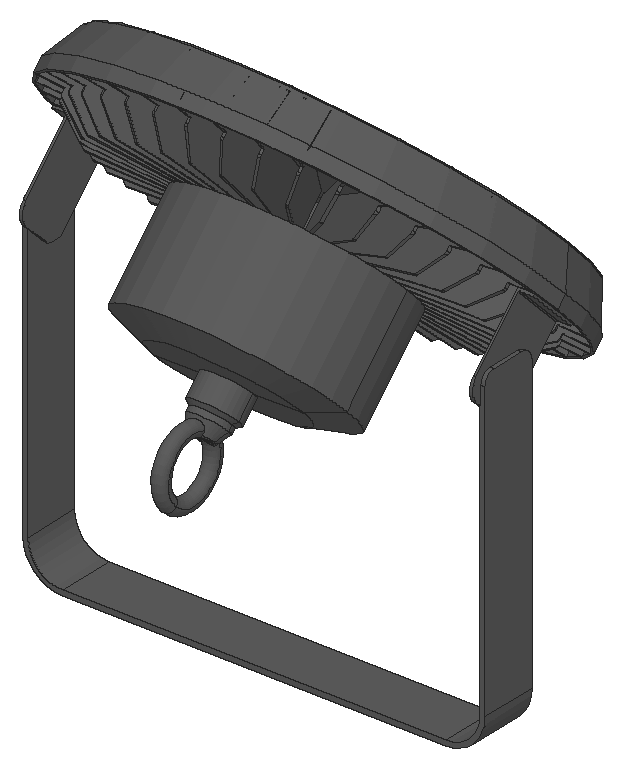
Revit family "0039348+0039354 Feilo Sylvania Lighting Fixture START HIGHBAY 4K 19KLM WIDE with BRACKET", category Lighting Fixtures, host Face, Revit 2017
Family settings
  Host = Face
  Round Connector Dimension = Use Diameter
  Part Type = Normal
  OmniClass Number = 23.80.70.00
  OmniClass Title = Lighting
  Cut with Voids When Loaded = No
  Light Source = No
  Shared = No
  Room Calculation Point = No
Parameters (values of type "0039348+0039354 START HIGHBAY 4K 19KLM WIDE with BRACKET     ")
  Weight = "3.4 kg"
  Wattage Comments = ""
  WarrantyStartDate [instance] = "n/a"
  WarrantyGuarantorParts = "n/a"
  WarrantyDurationUnit = "n/a"
  WarrantyDurationParts = "n/a"
  WarrantyDescription = "n/a"
  Voltage = 230 V
  URL = "http://www.sylvania-lighting.com"
  TypeName = "START HIGHBAY 4K 19KLM WIDE with BRACKET"
  TypeHead_FEILO = Start LED Highbay Head : 0039348+0039354 START HIGHBAY 4K 19KLM WIDE with BRACKET     
  Type Image = <None>
  Type Comments = "n/a"
  TiltAngle_FEILO [instance] = 45.00°
  ThicknessBracketPlate_FEILO = 3 mm
  SizeBracketS_FEILO = no
  SizeBracketM_FEILO = yes
  SerialNumber [instance] = "n/a"
  RadiusBracketTop_FEILO = 7 mm
  RadiusBendOut_FEILO = if(SizeBracketS_FEILO, 18 mm, if(SizeBracketM_FEILO, 24 mm, 28 mm))  # 24 mm
  RadiusBendIn_FEILO = RadiusBendOut_FEILO - ThicknessBracketPlate_FEILO  # 21 mm
  Material_3_FEILO = none
  PowerFactor = 0.95
  PowerConsumption = "150 W"
  NominalLength = 296 mm
  NominalHeight = 177 mm
  NominalDepth = 296 mm
  Name = "START HIGHBAY 4K 19KLM WIDE with BRACKET"
  ModelReference = Name  # "START HIGHBAY 4K 19KLM WIDE with BRACKET"
  ModelNumber = "0039348+0039354"
  Model = Name  # "START HIGHBAY 4K 19KLM WIDE with BRACKET"
  Material = "aluminium alloy housing, polycarbonate diffuser"
  ManufacturerName = "Feilo Sylvania"
  Manufacturer = "Feilo Sylvania"
  LuminousEfficacy = "130 lm/W"
  LuminaireType = ""
  LightOutputRatio = "n/a"
  LampsType = Lamp  # "LED"
  LampNominalLuminous = "19500 lm"
  LampMacAdamStep = "n/a"
  LampColourTemperature = "4000 K"
  LampColourRenderingIndex = "80"
  Lamp = "LED"
  Keynote = "16500"
  InstallationDate [instance] = "n/a"
  InputVoltage = "220-240V~"
  InputNominalFrequency = "50/60 Hz"
  IngressProtection = "IP65"
  ImpactProtectionIndex = "IK08"
  IfcExportType = "IfcLightFixtureType"
  IfcExportAs = "IfcLightFixtureType"
  ExpectedLife = 50000
  EndAngle_FEILO [instance] = TiltAngle_FEILO + 180.00°  # 225.00°
  ElectricShockClassification = "Class I"
  DurationUnit = "hours"
  DocumentationLiterature = "http://www.sylvania-lighting.com/product/en-int/products/0039348"
  DimmingControlOptions = "n/a"
  Material_2_FEILO = none
  Description = "START HIGHBAY, includes 1 m cables, black aluminium housing, 19500LM, 150W, 130lm/W, 4000K, Driver current: 3210mA, CR80, 90° beam angle, 1-10V dimmable,  IP65, IK08, 50,000 hrs (L70B50), (LxWxH) 296x296x177mm"
  Default Elevation = 1219.2 mm
  CreatedOn = "2/28/2018"
  CreatedBy = ""
  Cost = 0
  built-in parameter 1114216 [instance] = (empty or 0)
  ClassificationValue = "EF_70_80"
  ClassificationName = "Uniclass2015"
  Material_1_FEILO = Body-Sylvania-StartHighbay-Black
  BracketHeight_FEILO = if(SizeBracketS_FEILO, 199.5 mm, if(SizeBracketM_FEILO, 209.6 mm, 201.3 mm))  # 209.6 mm
  BracketDistanceInner_FEILO = if(SizeBracketS_FEILO, 249.4 mm, if(SizeBracketM_FEILO, 273.6 mm, 313.2 mm))  # 273.6 mm
  BarCode [instance] = "n/a"
  AssetType = "Fixed"
  AssetIdentifier [instance] = "n/a"
  Assembly Code = "D5020200"
  Apparent Load = 150 VA
  Material_4_FEILO = none
Reference planes
  plane 1 "Center (Front/Back)": y = 0
  plane 2: z = 0
  plane 3 "Center (Left/Right)": x = 0
  plane 4: x = -139.8
  plane 5: x = 139.8
  plane 6: z = 209.6
  plane 7: x = -136.8
  plane 8: z = 3
  plane 9: x = 136.8
  plane 10: y = 17.5
  plane 11: y = -17.5
  plane 12: y = -19.5
  plane 13: z = 211.6
  plane 14: y = 19.5
  plane 15: z = 200.6
Forms (mm)
  Extrusion 1, solid, material "Body-Sylvania-StartHighbay-Black" <- "Material_1_FEILO"
    sketch origin (0, 0, 0) x (1, 0, 0) y (0, 0, 1)
      loop
        line (-139.8, 209.6) -> (-139.8, 24)
        arc (-139.8, 24) -> (-132.771, 7.029) -> (-115.8, 0) r 24
        line (-115.8, 0) -> (115.8, 0)
        arc (115.8, 0) -> (132.771, 7.029) -> (139.8, 24) r 24
        line (139.8, 24) -> (139.8, 209.6) -> (136.8, 209.6) -> (136.8, 24)
        arc (136.8, 24) -> (130.649, 9.151) -> (115.8, 3) r 21
        line (115.8, 3) -> (-115.8, 3)
        arc (-115.8, 3) -> (-130.649, 9.151) -> (-136.8, 24) r 21
        line (-136.8, 24) -> (-136.8, 209.6) -> (-139.8, 209.6)
    from -17.5 to 17.5
  Extrusion 2, void
    sketch origin (0, 0, 0) x (0, 1, 0) y (0, 0, 1)
      loop
        arc (10.5, 209.6) -> (15.45, 207.55) -> (17.5, 202.6) r 7
        line (17.5, 202.6) -> (19.5, 202.6) -> (19.5, 211.6) -> (-19.5, 211.6) -> (-19.5, 202.6) -> (-17.5, 202.6)
        arc (-17.5, 202.6) -> (-15.45, 207.55) -> (-10.5, 209.6) r 7
        line (-10.5, 209.6) -> (10.5, 209.6)
    from -139.8 to 139.8
  Revolve 3, solid, not visible
    sketch origin (1223.4, -4572, 200.6) x (0, -1, 0) y (1, 0, 0)
      loop
        line (-4572, -1223.4) -> (-4591.5, -1223.4) -> (-4591.5, -1277.783) -> (-4572, -1277.783) -> (-4572, -1223.4)
      axis (-4572, -1223.4) -> (-4572, -1277.783)
    angle from 45 <- "TiltAngle_FEILO" to 225 <- "EndAngle_FEILO"
Cuts and joins
  Extrusion 2 cuts Extrusion 1
Dimensions and locks
  "BracketHeight_FEILO": plane 6 to plane 2
  equal spacing: plane 11, plane 1 "Center (Front/Back)", plane 10
  locked: plane 11 to plane 10 at 35
  equal spacing: plane 9, plane 3 "Center (Left/Right)", plane 7
  "BracketDistanceInner_FEILO": plane 9 to plane 7
  "ThicknessBracketPlate_FEILO": plane 7 to plane 4
  "ThicknessBracketPlate_FEILO": plane 8 to plane 2
  equal spacing: plane 5, plane 3 "Center (Left/Right)", plane 4
  equal spacing: plane 12, plane 1 "Center (Front/Back)", plane 14
  locked: plane 6 to plane 13 at 2
  locked: plane 12 to plane 11 at 2
  locked: plane 6 to plane 15 at 9
  "RadiusBendOut_FEILO": radius of Extrusion 1 sketch curve  (x2)
  "RadiusBendIn_FEILO": radius of Extrusion 1 sketch curve  (x2)
  "RadiusBracketTop_FEILO": radius of Extrusion 2 sketch curve  (x2)
  aligned and locked: plane 2 to host face
  aligned and locked: level to host face
  aligned and locked: Extrusion 1 sketch curve to plane 4
  aligned and locked: Extrusion 1 sketch curve to level
  aligned and locked: plane 6 to Extrusion 1 sketch curve
  aligned and locked: Extrusion 1 sketch curve to plane 6
  aligned and locked: Extrusion 1 sketch curve to plane 7
  aligned and locked: plane 9 to Extrusion 1 sketch curve
  aligned and locked: plane 8 to Extrusion 1 sketch curve
  aligned and locked: Extrusion 1 to plane 10
  aligned and locked: plane 11 to Extrusion 1
  aligned and locked: Extrusion 1 to Extrusion 2 sketch curve
  aligned and locked: plane 14 to Extrusion 2 sketch curve  (x2)
  aligned and locked: Extrusion 2 sketch curve to plane 12
  aligned and locked: plane 13 to Extrusion 2 sketch curve
  aligned and locked: plane 5 to Extrusion 2
  aligned and locked: Extrusion 2 to plane 4
  aligned and locked: Revolve 3 sketch curve to plane 1 "Center (Front/Back)"
  aligned and locked: Revolve 3 sketch curve to Revolve 3 sketch curve
  aligned and locked: plane 3 "Center (Left/Right)" to Revolve 3 sketch curve
  aligned and locked: Revolve 3 sketch curve to plane 14
  aligned and locked: nested 1 to plane 3 "Center (Left/Right)"
Automatic sketch dimensions
  host sketch curve to host sketch curve = 2438.4 mm  (x2)
  Revolve 3 sketch curve to Revolve 3 sketch curve = 54.383 mm
  Revolve 3 sketch curve to plane 4 = 1396.3 mm
  plane 5 to Revolve 3 sketch curve = 1396.3 mm
  Extrusion 1 sketch curve to Extrusion 1 sketch curve = 0 mm
  Extrusion 2 sketch curve to plane 11 = 0 mm
  Extrusion 2 sketch curve to plane 10 = 0 mm
Nested families
  nested 1: "Start LED Highbay Head" at (0, 0, 200.6) x (-1, 0, 0) z (0, 0.7071, 0.7071), type <- "TypeHead_FEILO", type "0039348+0039354 START HIGHBAY 4K 19KLM WIDE with BRACKET     "
    with built-in parameter 1114216 (empty or 0)
Connectors
  electrical at (0, 0, 0), driven by "Apparent Load", driven by "PowerFactor", driven by "Voltage"
    settings: index 1, voltage 230 V, apparent load 150 VA, apparent load phase1 0 VA, apparent load phase2 0 VA, apparent load phase3 0 VA, power factor 0.95, load classification "Lighting", number of poles 1, system type 30, power factor state 1, is connector primary yes, connector utility no, sub classification motor no, connector description ""
Definition of nested family "Start LED Highbay Head"
  Parameters (values of type "0039351+0039354+0039358 START HIGHBAY 6K 19KLM WIDE with BRACKET and PC LAMPSHADE TRANSPARENT ")
    X_FEILO = if(SizeS_FEILO, 60.3 mm, if(SizeM_FEILO, 70.4 mm, 83.5 mm))  # 70.4 mm
    WidthStraight_FEILO = if(SizeS_FEILO, 3 mm, if(SizeM_FEILO, 4 mm, 4.7 mm))  # 4 mm
    WidthRingChamfer_FEILO = if(SizeS_FEILO, 10.3 mm, if(SizeM_FEILO, 11.2 mm, 12.9 mm))  # 11.2 mm
    WidthCurved_FEILO = if(SizeS_FEILO, 17.4 mm, if(SizeM_FEILO, 16.4 mm, 26.2 mm))  # 16.4 mm
    WidthCurvedRing_FEILO = if(SizeS_FEILO, 3 mm, if(SizeM_FEILO, 4 mm, 4.7 mm))  # 4 mm
    WidthBracket_FEILO = 40 mm
    Wattage Comments = ""
    Wattage = 150 W
    built-in parameter 1150110 = 1 (stored number, unit not read)
    URL = "http://www.feilosylvania.com"
    Type Image = (empty or 0)
    Type Comments = "n/a"
    built-in parameter 1114217 = 1 (stored number, unit not read)
    Tilt Angle = -90.00°
    ThicknessWall_FEILO = 1.5 mm
    ThicknessBracket_FEILO = 1.5 mm
    ThicknessBracketHalf_FEILO = ThicknessBracket_FEILO / 2  # 0.75 mm
    built-in parameter 1150109 = 1 (stored number, unit not read)
    built-in parameter 1150134 = 1
    built-in parameter 1150113 = 1 (stored number, unit not read)
    SizeS_FEILO = no
    SizeM_FEILO = yes
    ShadeThickness_FEILO = 3 mm
    ShadeSizeSM_FEILO = or(SizeS_FEILO, SizeM_FEILO)  # yes
    ShadeRadiusOut_FEILO = 205 mm
    ShadeRadiusIn_FEILO = if(ShadeSizeSM_FEILO, 95 mm, 121 mm)  # 95 mm
    ShadeRadiusBend_FEILO = if(ShadeSizeSM_FEILO, 210 mm, 210 mm)  # 210 mm
    ShadeOn_FEILO = yes
    ShadeHeight_FEILO = if(ShadeSizeSM_FEILO, 120 mm, 151 mm)  # 120 mm
    Rib4_FEILO = if(SizeS_FEILO, 18.1 mm, if(SizeM_FEILO, 13.6 mm, 14.6 mm))  # 13.6 mm
    Rib3_FEILO = if(SizeS_FEILO, 15.3 mm, if(SizeM_FEILO, 17.6 mm, 20.2 mm))  # 17.6 mm
    Rib2_FEILO = if(SizeS_FEILO, 3.6 mm, if(SizeM_FEILO, 3.9 mm, 4.5 mm))  # 3.9 mm
    Rib1_FEILO = if(SizeS_FEILO, 15.1 mm, if(SizeM_FEILO, 16.5 mm, 19 mm))  # 16.5 mm
    RadiusDiffuser_FEILO = if(SizeS_FEILO, 95.2 mm, if(SizeM_FEILO, 105.3 mm, 120 mm))  # 105.3 mm
    RadiusArrayPost_FEILO = DriverRadius_FEILO - 6 mm  # 61.2 mm
    RHRadius3_FEILO = if(SizeS_FEILO, 6.6 mm, if(SizeM_FEILO, 7.4 mm, 8.6 mm))  # 7.4 mm
    RHRadius2_FEILO = if(SizeS_FEILO, 11 mm, if(SizeM_FEILO, 12 mm, 14 mm))  # 12 mm
    RHRadius1_FEILO = if(SizeS_FEILO, 13.6 mm, if(SizeM_FEILO, 14.9 mm, 17.7 mm))  # 14.9 mm
    RHHeight4_FEILO = if(SizeS_FEILO, 7.3 mm, if(SizeM_FEILO, 8 mm, 9.2 mm))  # 8 mm
    RHHeight3_FEILO = if(SizeS_FEILO, 3.6 mm, if(SizeM_FEILO, 3.7 mm, 4.6 mm))  # 3.7 mm
    RHHeight2_FEILO = if(SizeS_FEILO, 2 mm, if(SizeM_FEILO, 2.2 mm, 2.6 mm))  # 2.2 mm
    RHHeight1_FEILO = if(SizeS_FEILO, 11.8 mm, if(SizeM_FEILO, 15.3 mm, 17.4 mm))  # 15.3 mm
    Photometric Web File = "0039351+0039358.ies"
    Material_5_FEILO = none
    Material_3_FEILO = none
    Model = "START HIGHBAY 6K 19KLM WIDE with BRACKET and PC LAMPSHADE TRANSPARENT"
    Manufacturer = "Feilo Sylvania"
    built-in parameter 1150105 = 10854.2 (stored number, unit not read)
    Lumens = 19500 lm
    built-in parameter 1150115 = 1 (stored number, unit not read)
    built-in parameter 1150137 = (empty or 0)
    built-in parameter 1150139 = (empty or 0)
    built-in parameter 1150112 = 1 (stored number, unit not read)
    built-in parameter 1150114 = 1 (stored number, unit not read)
    Lamp = "LED"
    Keynote = "16500"
    built-in parameter 1150132 = (empty or 0)
    built-in parameter 1150102 = (empty or 0)
    built-in parameter 1150107 = 6500 (stored number, unit not read)
    built-in parameter 1150138 = (empty or 0)
    built-in parameter 1150106 = 108.54 (stored number, unit not read)
    HeightRing_FEILO = if(SizeS_FEILO, 19.8 mm, if(SizeM_FEILO, 32 mm, 36.8 mm))  # 32 mm
    HeightRingChamfer_FEILO = if(SizeS_FEILO, 11.7 mm, if(SizeM_FEILO, 23.2 mm, 26.6 mm))  # 23.2 mm
    EyeThickness_FEILO = if(SizeS_FEILO, 8.4 mm, if(SizeM_FEILO, 9.2 mm, 10.5 mm))  # 9.2 mm
    EyeThicknessHalf_FEILO = EyeThickness_FEILO / 2  # 4.6 mm
    EyeInner_FEILO = if(SizeS_FEILO, 13.8 mm, if(SizeM_FEILO, 15.1 mm, 17.3 mm))  # 15.1 mm
    Emit from Circle Diameter = RadiusDiffuser_FEILO * 2  # 210.6 mm
    Emit Shape Visible in Rendering = no
    built-in parameter 1150104 = 12.077 (stored number, unit not read)
    DriverVerticalStraight_FEILO = if(SizeS_FEILO, 46.5 mm, if(SizeM_FEILO, 49.7 mm, 57 mm))  # 49.7 mm
    DriverVerticalChamfer_FEILO = if(SizeS_FEILO, 7.5 mm, if(SizeM_FEILO, 8.2 mm, 9.5 mm))  # 8.2 mm
    DriverRadius_FEILO = if(SizeS_FEILO, 61.4 mm, if(SizeM_FEILO, 67.2 mm, 76.4 mm))  # 67.2 mm
    DriverRadiusTop_FEILO = if(SizeS_FEILO, 42 mm, if(SizeM_FEILO, 45.3 mm, 52.4 mm))  # 45.3 mm
    DriverBottom_FEILO = if(SizeS_FEILO, 56 mm, if(SizeM_FEILO, 64.5 mm, 74 mm))  # 64.5 mm
    Material_2_FEILO = none
    Radius_FEILO = if(SizeS_FEILO, 135 mm, if(SizeM_FEILO, 148 mm, 169.5 mm))  # 148 mm
    Dimming Lamp Color Temperature Shift = (empty or 0)
    DiameterWire_FEILO = 3 mm
    DiameterWireSupport_FEILO = 10 mm
    Description = "START HIGHBAY, includes 1 m cables, black aluminium housing, 19500LM, 150W, 130lm/W, 6500K, Driver current: 2140mA, CR80, 60° beam angle, 1-10V dimmable,  IP65, IK08, 50,000 hrs (L70B50), (LxWxH) 296x296x177mm"
    Default Elevation = 1219.2 mm
    Cost = 0
    Color Filter = 16777215
    built-in parameter 1114216 [instance] = (empty or 0)
    Material_1_FEILO = none
    built-in parameter 1114218 = 1 (stored number, unit not read)
    built-in parameter 1150133 = 10 (stored number, unit not read)
    Assembly Code = "D5020200"
    Apparent Load = 150 VA
    Material_4_FEILO = none
  Types (36, lengths in mm): name | X_FEILO | WidthStraight_FEILO | WidthRingChamfer_FEILO | WidthCurved_FEILO | WidthCurvedRing_FEILO | Wattage | built-in parameter 1150134 | SizeS_FEILO | SizeM_FEILO | ShadeSizeSM_FEILO | ShadeRadiusIn_FEILO | ShadeOn_FEILO | ShadeHeight_FEILO | Rib4_FEILO | Rib3_FEILO | Rib2_FEILO | Rib1_FEILO | RadiusDiffuser_FEILO | RadiusArrayPost_FEILO | RHRadius3_FEILO | RHRadius2_FEILO | RHRadius1_FEILO | RHHeight4_FEILO | RHHeight3_FEILO | RHHeight2_FEILO | RHHeight1_FEILO | Photometric Web File | Model | built-in parameter 1150105 | Lumens | built-in parameter 1150107 | built-in parameter 1150106 | HeightRing_FEILO | HeightRingChamfer_FEILO | EyeThickness_FEILO | EyeThicknessHalf_FEILO | EyeInner_FEILO | Emit from Circle Diameter | DriverVerticalStraight_FEILO | DriverVerticalChamfer_FEILO | DriverRadius_FEILO | DriverRadiusTop_FEILO | DriverBottom_FEILO | Radius_FEILO | Description | Apparent Load
    0039352+0039355+0039361 START HIGHBAY 6K 26KLM WIDE with BRACKET and PC LAMPSHADE TRANSPARENT | 83.5 | 4.7 | 12.9 | 26.2 | 4.7 | 200 W | 1 | no | no | no | 121 | yes | 151 | 14.6 | 20.2 | 4.5 | 19 | 120 | 70.4 | 8.6 | 14 | 17.7 | 9.2 | 4.6 | 2.6 | 17.4 | "0039352+0039361.ies" | "START HIGHBAY 6K 26KLM WIDE with BRACKET and PC LAMPSHADE TRANSPARENT" | 17911 (stored number, unit not read) | 26000 lm | 6500 (stored number, unit not read) | 179.11 (stored number, unit not read) | 36.8 | 26.6 | 10.5 | 5.25 | 17.3 | 240 | 57 | 9.5 | 76.4 | 52.4 | 74 | 169.5 | "START HIGHBAY, includes 1 m cables, black aluminium housing, 26000LM, 200W, 130lm/W, 6500K, Driver current: 5000mA, CR80, 60° beam angle, 1-10V dimmable,  IP65, IK08, 50,000 hrs (L70B50), (LxWxH) 339x339x194mm" | 200 VA
    0039352+0039355+0039360 START HIGHBAY 6K 26KLM WIDE with BRACKET and ALU SHADE BLACK COLOR | 83.5 | 4.7 | 12.9 | 26.2 | 4.7 | 200 W | 1 | no | no | no | 121 | yes | 151 | 14.6 | 20.2 | 4.5 | 19 | 120 | 70.4 | 8.6 | 14 | 17.7 | 9.2 | 4.6 | 2.6 | 17.4 | "0039352+0039360.ies" | "START HIGHBAY 6K 26KLM WIDE with BRACKET and ALU SHADE BLACK COLOR" | 14870 (stored number, unit not read) | 26000 lm | 6500 (stored number, unit not read) | 148.7 (stored number, unit not read) | 36.8 | 26.6 | 10.5 | 5.25 | 17.3 | 240 | 57 | 9.5 | 76.4 | 52.4 | 74 | 169.5 | "START HIGHBAY, includes 1 m cables, black aluminium housing, 26000LM, 200W, 130lm/W, 6500K, Driver current: 5000mA, CR80, 60° beam angle, 1-10V dimmable,  IP65, IK08, 50,000 hrs (L70B50), (LxWxH) 339x339x194mm" | 200 VA
    0039352+0039355+0039359 START HIGHBAY 6K 26KLM WIDE with BRACKET and ALU SHADE ALU COLOR | 83.5 | 4.7 | 12.9 | 26.2 | 4.7 | 200 W | 1 | no | no | no | 121 | yes | 151 | 14.6 | 20.2 | 4.5 | 19 | 120 | 70.4 | 8.6 | 14 | 17.7 | 9.2 | 4.6 | 2.6 | 17.4 | "0039352+0039359.ies" | "START HIGHBAY 6K 26KLM WIDE with BRACKET and ALU SHADE ALU COLOR" | 14870 (stored number, unit not read) | 26000 lm | 6500 (stored number, unit not read) | 148.7 (stored number, unit not read) | 36.8 | 26.6 | 10.5 | 5.25 | 17.3 | 240 | 57 | 9.5 | 76.4 | 52.4 | 74 | 169.5 | "START HIGHBAY, includes 1 m cables, black aluminium housing, 26000LM, 200W, 130lm/W, 6500K, Driver current: 5000mA, CR80, 60° beam angle, 1-10V dimmable,  IP65, IK08, 50,000 hrs (L70B50), (LxWxH) 339x339x194mm" | 200 VA
    0039352+0039355 START HIGHBAY 6K 26KLM WIDE with BRACKET | 83.5 | 4.7 | 12.9 | 26.2 | 4.7 | 200 W | 1 | no | no | no | 121 | no | 151 | 14.6 | 20.2 | 4.5 | 19 | 120 | 70.4 | 8.6 | 14 | 17.7 | 9.2 | 4.6 | 2.6 | 17.4 | "0039352.ies" | "START HIGHBAY 6K 26KLM WIDE with BRACKET" | 13836.2 (stored number, unit not read) | 26000 lm | 6500 (stored number, unit not read) | 138.36 (stored number, unit not read) | 36.8 | 26.6 | 10.5 | 5.25 | 17.3 | 240 | 57 | 9.5 | 76.4 | 52.4 | 74 | 169.5 | "START HIGHBAY, includes 1 m cables, black aluminium housing, 26000LM, 200W, 130lm/W, 6500K, Driver current: 5000mA, CR80, 60° beam angle, 1-10V dimmable,  IP65, IK08, 50,000 hrs (L70B50), (LxWxH) 339x339x194mm" | 200 VA
    0039351+0039354+0039358 START HIGHBAY 6K 19KLM WIDE with BRACKET and PC LAMPSHADE TRANSPARENT | 70.4 | 4 | 11.2 | 16.4 | 4 | 150 W | 1 | no | yes | yes | 95 | yes | 120 | 13.6 | 17.6 | 3.9 | 16.5 | 105.3 | 61.2 | 7.4 | 12 | 14.9 | 8 | 3.7 | 2.2 | 15.3 | "0039351+0039358.ies" | "START HIGHBAY 6K 19KLM WIDE with BRACKET and PC LAMPSHADE TRANSPARENT" | 10854.2 (stored number, unit not read) | 19500 lm | 6500 (stored number, unit not read) | 108.54 (stored number, unit not read) | 32 | 23.2 | 9.2 | 4.6 | 15.1 | 210.6 | 49.7 | 8.2 | 67.2 | 45.3 | 64.5 | 148 | "START HIGHBAY, includes 1 m cables, black aluminium housing, 19500LM, 150W, 130lm/W, 6500K, Driver current: 2140mA, CR80, 60° beam angle, 1-10V dimmable,  IP65, IK08, 50,000 hrs (L70B50), (LxWxH) 296x296x177mm" | 150 VA
    0039351+0039354+0039357 START HIGHBAY 6K 19KLM WIDE with BRACKET and ALU SHADE BLACK COLOR | 70.4 | 4 | 11.2 | 16.4 | 4 | 150 W | 1 | no | yes | yes | 95 | yes | 120 | 13.6 | 17.6 | 3.9 | 16.5 | 105.3 | 61.2 | 7.4 | 12 | 14.9 | 8 | 3.7 | 2.2 | 15.3 | "0039351+0039357.ies" | "START HIGHBAY 6K 19KLM WIDE with BRACKET and ALU SHADE BLACK COLOR" | 11152.5 (stored number, unit not read) | 19500 lm | 6500 (stored number, unit not read) | 111.52 (stored number, unit not read) | 32 | 23.2 | 9.2 | 4.6 | 15.1 | 210.6 | 49.7 | 8.2 | 67.2 | 45.3 | 64.5 | 148 | "START HIGHBAY, includes 1 m cables, black aluminium housing, 19500LM, 150W, 130lm/W, 6500K, Driver current: 2140mA, CR80, 60° beam angle, 1-10V dimmable,  IP65, IK08, 50,000 hrs (L70B50), (LxWxH) 296x296x177mm" | 150 VA
    0039351+0039354+0039356 START HIGHBAY 6K 19KLM WIDE with BRACKET and ALU SHADE ALU COLOR | 70.4 | 4 | 11.2 | 16.4 | 4 | 150 W | 1 | no | yes | yes | 95 | yes | 120 | 13.6 | 17.6 | 3.9 | 16.5 | 105.3 | 61.2 | 7.4 | 12 | 14.9 | 8 | 3.7 | 2.2 | 15.3 | "0039351+0039356.ies" | "START HIGHBAY 6K 19KLM WIDE with BRACKET and ALU SHADE ALU COLOR" | 11152.5 (stored number, unit not read) | 19500 lm | 6500 (stored number, unit not read) | 111.52 (stored number, unit not read) | 32 | 23.2 | 9.2 | 4.6 | 15.1 | 210.6 | 49.7 | 8.2 | 67.2 | 45.3 | 64.5 | 148 | "START HIGHBAY, includes 1 m cables, black aluminium housing, 19500LM, 150W, 130lm/W, 6500K, Driver current: 2140mA, CR80, 60° beam angle, 1-10V dimmable,  IP65, IK08, 50,000 hrs (L70B50), (LxWxH) 296x296x177mm" | 150 VA
    0039351+0039354 START HIGHBAY 6K 19KLM WIDE with BRACKET | 70.4 | 4 | 11.2 | 16.4 | 4 | 150 W | 1 | no | yes | yes | 95 | no | 120 | 13.6 | 17.6 | 3.9 | 16.5 | 105.3 | 61.2 | 7.4 | 12 | 14.9 | 8 | 3.7 | 2.2 | 15.3 | "0039351.ies" | "START HIGHBAY 6K 19KLM WIDE with BRACKET" | 10377.1 (stored number, unit not read) | 19500 lm | 6500 (stored number, unit not read) | 103.77 (stored number, unit not read) | 32 | 23.2 | 9.2 | 4.6 | 15.1 | 210.6 | 49.7 | 8.2 | 67.2 | 45.3 | 64.5 | 148 | "START HIGHBAY, includes 1 m cables, black aluminium housing, 19500LM, 150W, 130lm/W, 6500K, Driver current: 2140mA, CR80, 60° beam angle, 1-10V dimmable,  IP65, IK08, 50,000 hrs (L70B50), (LxWxH) 296x296x177mm" | 150 VA
    0039350+0039353+0039358 START HIGHBAY 6K 13KLM WIDE with BRACKET and PC LAMPSHADE TRANSPARENT | 60.3 | 3 | 10.3 | 17.4 | 3 | 100 W | 1 | yes | no | yes | 95 | yes | 120 | 18.1 | 15.3 | 3.6 | 15.1 | 95.2 | 55.4 | 6.6 | 11 | 13.6 | 7.3 | 3.6 | 2 | 11.8 | "0039350+0039358.ies" | "START HIGHBAY 6K 13KLM WIDE with BRACKET and PC LAMPSHADE TRANSPARENT" | 7236.1 (stored number, unit not read) | 13000 lm | 6500 (stored number, unit not read) | 72.361 (stored number, unit not read) | 19.8 | 11.7 | 8.4 | 4.2 | 13.8 | 190.4 | 46.5 | 7.5 | 61.4 | 42 | 56 | 135 | "START HIGHBAY, includes 1 m cables, black aluminium housing, 13000LM, 100W, 130lm/W, 6500K, Driver current: 2140mA, CR80, 60° beam angle, 1-10V dimmable,  IP65, IK08, 50,000 hrs (L70B50), (LxWxH) 270x270x170mm" | 100 VA
    0039350+0039353+0039357 START HIGHBAY 6K 13KLM WIDE with BRACKET and ALU SHADE BLACK COLOR | 60.3 | 3 | 10.3 | 17.4 | 3 | 100 W | 1 | yes | no | yes | 95 | yes | 120 | 18.1 | 15.3 | 3.6 | 15.1 | 95.2 | 55.4 | 6.6 | 11 | 13.6 | 7.3 | 3.6 | 2 | 11.8 | "0039350+0039357.ies" | "START HIGHBAY 6K 13KLM WIDE with BRACKET and ALU SHADE BLACK COLOR" | 7435 (stored number, unit not read) | 13000 lm | 6500 (stored number, unit not read) | 74.35 (stored number, unit not read) | 19.8 | 11.7 | 8.4 | 4.2 | 13.8 | 190.4 | 46.5 | 7.5 | 61.4 | 42 | 56 | 135 | "START HIGHBAY, includes 1 m cables, black aluminium housing, 13000LM, 100W, 130lm/W, 6500K, Driver current: 2140mA, CR80, 60° beam angle, 1-10V dimmable,  IP65, IK08, 50,000 hrs (L70B50), (LxWxH) 270x270x170mm" | 100 VA
    0039350+0039353+0039356 START HIGHBAY 6K 13KLM WIDE with BRACKET and ALU SHADE ALU COLOR | 60.3 | 3 | 10.3 | 17.4 | 3 | 100 W | 1 | yes | no | yes | 95 | yes | 120 | 18.1 | 15.3 | 3.6 | 15.1 | 95.2 | 55.4 | 6.6 | 11 | 13.6 | 7.3 | 3.6 | 2 | 11.8 | "0039350+0039356.ies" | "START HIGHBAY 6K 13KLM WIDE with BRACKET and ALU SHADE ALU COLOR" | 7435 (stored number, unit not read) | 13000 lm | 6500 (stored number, unit not read) | 74.35 (stored number, unit not read) | 19.8 | 11.7 | 8.4 | 4.2 | 13.8 | 190.4 | 46.5 | 7.5 | 61.4 | 42 | 56 | 135 | "START HIGHBAY, includes 1 m cables, black aluminium housing, 13000LM, 100W, 130lm/W, 6500K, Driver current: 2140mA, CR80, 60° beam angle, 1-10V dimmable,  IP65, IK08, 50,000 hrs (L70B50), (LxWxH) 270x270x170mm" | 100 VA
    0039350+0039353 START HIGHBAY 6K 13KLM WIDE with BRACKET | 60.3 | 3 | 10.3 | 17.4 | 3 | 100 W | 1 | yes | no | yes | 95 | no | 120 | 18.1 | 15.3 | 3.6 | 15.1 | 95.2 | 55.4 | 6.6 | 11 | 13.6 | 7.3 | 3.6 | 2 | 11.8 | "0039350.ies" | "START HIGHBAY 6K 13KLM WIDE with BRACKET" | 6918.1 (stored number, unit not read) | 13000 lm | 6500 (stored number, unit not read) | 69.181 (stored number, unit not read) | 19.8 | 11.7 | 8.4 | 4.2 | 13.8 | 190.4 | 46.5 | 7.5 | 61.4 | 42 | 56 | 135 | "START HIGHBAY, includes 1 m cables, black aluminium housing, 13000LM, 100W, 130lm/W, 6500K, Driver current: 2140mA, CR80, 60° beam angle, 1-10V dimmable,  IP65, IK08, 50,000 hrs (L70B50), (LxWxH) 270x270x170mm" | 100 VA
    0039349+0039355+0039361 START HIGHBAY 4K 26KLM WIDE with BRACKET and PC LAMPSHADE TRANSPARENT FOR | 83.5 | 4.7 | 12.9 | 26.2 | 4.7 | 200 W | 12 | no | no | no | 121 | yes | 151 | 14.6 | 20.2 | 4.5 | 19 | 120 | 70.4 | 8.6 | 14 | 17.7 | 9.2 | 4.6 | 2.6 | 17.4 | "0039349+0039361.ies" | "START HIGHBAY 4K 26KLM WIDE with BRACKET and PC LAMPSHADE TRANSPARENT FOR" | 17911 (stored number, unit not read) | 26000 lm | 4000 (stored number, unit not read) | 179.11 (stored number, unit not read) | 36.8 | 26.6 | 10.5 | 5.25 | 17.3 | 240 | 57 | 9.5 | 76.4 | 52.4 | 74 | 169.5 | "START HIGHBAY, includes 1 m cables, black aluminium housing, 26000LM, 200W, 130lm/W, 4000K, Driver current: 5000mA, CR80, 90° beam angle, 1-10V dimmable,  IP65, IK08, 50,000 hrs (L70B50), (LxWxH) 339x339x194mm" | 200 VA
    0039349+0039355+0039360 START HIGHBAY 4K 26KLM WIDE with BRACKET and ALU SHADE BLACK COLOR | 83.5 | 4.7 | 12.9 | 26.2 | 4.7 | 200 W | 12 | no | no | no | 121 | yes | 151 | 14.6 | 20.2 | 4.5 | 19 | 120 | 70.4 | 8.6 | 14 | 17.7 | 9.2 | 4.6 | 2.6 | 17.4 | "0039349+0039360.ies" | "START HIGHBAY 4K 26KLM WIDE with BRACKET and ALU SHADE BLACK COLOR" | 14870 (stored number, unit not read) | 26000 lm | 4000 (stored number, unit not read) | 148.7 (stored number, unit not read) | 36.8 | 26.6 | 10.5 | 5.25 | 17.3 | 240 | 57 | 9.5 | 76.4 | 52.4 | 74 | 169.5 | "START HIGHBAY, includes 1 m cables, black aluminium housing, 26000LM, 200W, 130lm/W, 4000K, Driver current: 5000mA, CR80, 90° beam angle, 1-10V dimmable,  IP65, IK08, 50,000 hrs (L70B50), (LxWxH) 339x339x194mm" | 200 VA
    0039349+0039355+0039359 START HIGHBAY 4K 26KLM WIDE with BRACKET and ALU SHADE ALU COLOR | 83.5 | 4.7 | 12.9 | 26.2 | 4.7 | 200 W | 12 | no | no | no | 121 | yes | 151 | 14.6 | 20.2 | 4.5 | 19 | 120 | 70.4 | 8.6 | 14 | 17.7 | 9.2 | 4.6 | 2.6 | 17.4 | "0039349+0039359.ies" | "START HIGHBAY 4K 26KLM WIDE with BRACKET and ALU SHADE ALU COLOR" | 14870 (stored number, unit not read) | 26000 lm | 4000 (stored number, unit not read) | 148.7 (stored number, unit not read) | 36.8 | 26.6 | 10.5 | 5.25 | 17.3 | 240 | 57 | 9.5 | 76.4 | 52.4 | 74 | 169.5 | "START HIGHBAY, includes 1 m cables, black aluminium housing, 26000LM, 200W, 130lm/W, 4000K, Driver current: 5000mA, CR80, 90° beam angle, 1-10V dimmable,  IP65, IK08, 50,000 hrs (L70B50), (LxWxH) 339x339x194mm" | 200 VA
    0039349+0039355 START HIGHBAY 4K 26KLM WIDE with BRACKET | 83.5 | 4.7 | 12.9 | 26.2 | 4.7 | 200 W | 12 | no | no | no | 121 | no | 151 | 14.6 | 20.2 | 4.5 | 19 | 120 | 70.4 | 8.6 | 14 | 17.7 | 9.2 | 4.6 | 2.6 | 17.4 | "0039349.ies" | "START HIGHBAY 4K 26KLM WIDE with BRACKET" | 13836.2 (stored number, unit not read) | 26000 lm | 4000 (stored number, unit not read) | 138.36 (stored number, unit not read) | 36.8 | 26.6 | 10.5 | 5.25 | 17.3 | 240 | 57 | 9.5 | 76.4 | 52.4 | 74 | 169.5 | "START HIGHBAY, includes 1 m cables, black aluminium housing, 26000LM, 200W, 130lm/W, 4000K, Driver current: 5000mA, CR80, 90° beam angle, 1-10V dimmable,  IP65, IK08, 50,000 hrs (L70B50), (LxWxH) 339x339x194mm" | 200 VA
    0039348+0039354+0039358 START HIGHBAY 4K 19KLM WIDE with BRACKET and PC LAMPSHADE TRANSPARENT | 70.4 | 4 | 11.2 | 16.4 | 4 | 150 W | 12 | no | yes | yes | 95 | yes | 120 | 13.6 | 17.6 | 3.9 | 16.5 | 105.3 | 61.2 | 7.4 | 12 | 14.9 | 8 | 3.7 | 2.2 | 15.3 | "0039348+0039358.ies" | "START HIGHBAY 4K 19KLM WIDE with BRACKET and PC LAMPSHADE TRANSPARENT" | 10854.2 (stored number, unit not read) | 19500 lm | 4000 (stored number, unit not read) | 108.54 (stored number, unit not read) | 32 | 23.2 | 9.2 | 4.6 | 15.1 | 210.6 | 49.7 | 8.2 | 67.2 | 45.3 | 64.5 | 148 | "START HIGHBAY, includes 1 m cables, black aluminium housing, 19500LM, 150W, 130lm/W, 4000K, Driver current: 3210mA, CR80, 90° beam angle, 1-10V dimmable,  IP65, IK08, 50,000 hrs (L70B50), (LxWxH) 296x296x177mm" | 150 VA
    0039348+0039354+0039357 START HIGHBAY 4K 19KLM WIDE with BRACKET and ALU SHADE BLACK COLOR | 70.4 | 4 | 11.2 | 16.4 | 4 | 150 W | 12 | no | yes | yes | 95 | yes | 120 | 13.6 | 17.6 | 3.9 | 16.5 | 105.3 | 61.2 | 7.4 | 12 | 14.9 | 8 | 3.7 | 2.2 | 15.3 | "0039348+0039357.ies" | "START HIGHBAY 4K 19KLM WIDE with BRACKET and ALU SHADE BLACK COLOR" | 11152.5 (stored number, unit not read) | 19500 lm | 4000 (stored number, unit not read) | 111.52 (stored number, unit not read) | 32 | 23.2 | 9.2 | 4.6 | 15.1 | 210.6 | 49.7 | 8.2 | 67.2 | 45.3 | 64.5 | 148 | "START HIGHBAY, includes 1 m cables, black aluminium housing, 19500LM, 150W, 130lm/W, 4000K, Driver current: 3210mA, CR80, 90° beam angle, 1-10V dimmable,  IP65, IK08, 50,000 hrs (L70B50), (LxWxH) 296x296x177mm" | 150 VA
    0039348+0039354+0039356 START HIGHBAY 4K 19KLM WIDE with BRACKET and ALU SHADE ALU COLOR | 70.4 | 4 | 11.2 | 16.4 | 4 | 150 W | 12 | no | yes | yes | 95 | yes | 120 | 13.6 | 17.6 | 3.9 | 16.5 | 105.3 | 61.2 | 7.4 | 12 | 14.9 | 8 | 3.7 | 2.2 | 15.3 | "0039348+0039356.ies" | "START HIGHBAY 4K 19KLM WIDE with BRACKET and ALU SHADE ALU COLOR" | 11152.5 (stored number, unit not read) | 19500 lm | 4000 (stored number, unit not read) | 111.52 (stored number, unit not read) | 32 | 23.2 | 9.2 | 4.6 | 15.1 | 210.6 | 49.7 | 8.2 | 67.2 | 45.3 | 64.5 | 148 | "START HIGHBAY, includes 1 m cables, black aluminium housing, 19500LM, 150W, 130lm/W, 4000K, Driver current: 3210mA, CR80, 90° beam angle, 1-10V dimmable,  IP65, IK08, 50,000 hrs (L70B50), (LxWxH) 296x296x177mm" | 150 VA
    0039348+0039354 START HIGHBAY 4K 19KLM WIDE with BRACKET | 70.4 | 4 | 11.2 | 16.4 | 4 | 150 W | 12 | no | yes | yes | 95 | no | 120 | 13.6 | 17.6 | 3.9 | 16.5 | 105.3 | 61.2 | 7.4 | 12 | 14.9 | 8 | 3.7 | 2.2 | 15.3 | "0039348.ies" | "START HIGHBAY 4K 19KLM WIDE with BRACKET" | 10377.1 (stored number, unit not read) | 19500 lm | 4000 (stored number, unit not read) | 103.77 (stored number, unit not read) | 32 | 23.2 | 9.2 | 4.6 | 15.1 | 210.6 | 49.7 | 8.2 | 67.2 | 45.3 | 64.5 | 148 | "START HIGHBAY, includes 1 m cables, black aluminium housing, 19500LM, 150W, 130lm/W, 4000K, Driver current: 3210mA, CR80, 90° beam angle, 1-10V dimmable,  IP65, IK08, 50,000 hrs (L70B50), (LxWxH) 296x296x177mm" | 150 VA
    0039347+0039353+0039358 START HIGHBAY 4K 13KLM WIDE with BRACKET and PC LAMPSHADE TRANSPARENT | 60.3 | 3 | 10.3 | 17.4 | 3 | 100 W | 12 | yes | no | yes | 95 | yes | 120 | 18.1 | 15.3 | 3.6 | 15.1 | 95.2 | 55.4 | 6.6 | 11 | 13.6 | 7.3 | 3.6 | 2 | 11.8 | "0039347+0039358.ies" | "START HIGHBAY 4K 13KLM WIDE with BRACKET and PC LAMPSHADE TRANSPARENT" | 7236.1 (stored number, unit not read) | 13000 lm | 4000 (stored number, unit not read) | 72.361 (stored number, unit not read) | 19.8 | 11.7 | 8.4 | 4.2 | 13.8 | 190.4 | 46.5 | 7.5 | 61.4 | 42 | 56 | 135 | "START HIGHBAY, includes 1 m cables, black aluminium housing, 13000LM, 100W, 130lm/W, 4000K, Driver current: 2140mA, CR80, 90° beam angle, 1-10V dimmable,  IP65, IK08, 50,000 hrs (L70B50), (LxWxH) 270x270x170mm" | 100 VA
    0039347+0039353+0039357 START HIGHBAY 4K 13KLM WIDE with BRACKET and ALU SHADE BLACK COLOR | 60.3 | 3 | 10.3 | 17.4 | 3 | 100 W | 12 | yes | no | yes | 95 | yes | 120 | 18.1 | 15.3 | 3.6 | 15.1 | 95.2 | 55.4 | 6.6 | 11 | 13.6 | 7.3 | 3.6 | 2 | 11.8 | "0039347+0039357.ies" | "START HIGHBAY 4K 13KLM WIDE with BRACKET and ALU SHADE BLACK COLOR" | 7435 (stored number, unit not read) | 13000 lm | 4000 (stored number, unit not read) | 74.35 (stored number, unit not read) | 19.8 | 11.7 | 8.4 | 4.2 | 13.8 | 190.4 | 46.5 | 7.5 | 61.4 | 42 | 56 | 135 | "START HIGHBAY, includes 1 m cables, black aluminium housing, 13000LM, 100W, 130lm/W, 4000K, Driver current: 2140mA, CR80, 90° beam angle, 1-10V dimmable,  IP65, IK08, 50,000 hrs (L70B50), (LxWxH) 270x270x170mm" | 100 VA
    0039347+0039353+0039356 START HIGHBAY 4K 13KLM WIDE with BRACKET and ALU SHADE ALU COLOR | 60.3 | 3 | 10.3 | 17.4 | 3 | 100 W | 12 | yes | no | yes | 95 | yes | 120 | 18.1 | 15.3 | 3.6 | 15.1 | 95.2 | 55.4 | 6.6 | 11 | 13.6 | 7.3 | 3.6 | 2 | 11.8 | "0039347+0039356.ies" | "START HIGHBAY 4K 13KLM WIDE with BRACKET and ALU SHADE ALU COLOR" | 7435 (stored number, unit not read) | 13000 lm | 4000 (stored number, unit not read) | 74.35 (stored number, unit not read) | 19.8 | 11.7 | 8.4 | 4.2 | 13.8 | 190.4 | 46.5 | 7.5 | 61.4 | 42 | 56 | 135 | "START HIGHBAY, includes 1 m cables, black aluminium housing, 13000LM, 100W, 130lm/W, 4000K, Driver current: 2140mA, CR80, 90° beam angle, 1-10V dimmable,  IP65, IK08, 50,000 hrs (L70B50), (LxWxH) 270x270x170mm" | 100 VA
    0039347+0039353 START HIGHBAY 4K 13KLM WIDE with BRACKET | 60.3 | 3 | 10.3 | 17.4 | 3 | 100 W | 12 | yes | no | yes | 95 | no | 120 | 18.1 | 15.3 | 3.6 | 15.1 | 95.2 | 55.4 | 6.6 | 11 | 13.6 | 7.3 | 3.6 | 2 | 11.8 | "0039347.ies" | "START HIGHBAY 4K 13KLM WIDE with BRACKET" | 6918.1 (stored number, unit not read) | 13000 lm | 4000 (stored number, unit not read) | 69.181 (stored number, unit not read) | 19.8 | 11.7 | 8.4 | 4.2 | 13.8 | 190.4 | 46.5 | 7.5 | 61.4 | 42 | 56 | 135 | "START HIGHBAY, includes 1 m cables, black aluminium housing, 13000LM, 100W, 130lm/W, 4000K, Driver current: 2140mA, CR80, 90° beam angle, 1-10V dimmable,  IP65, IK08, 50,000 hrs (L70B50), (LxWxH) 270x270x170mm" | 100 VA
    0039346+0039355+0039361 START HIGHBAY 4K 26KLM MEDIUM with BRACKET and PC LAMPSHADE TRANSPARENT | 83.5 | 4.7 | 12.9 | 26.2 | 4.7 | 200 W | 12 | no | no | no | 121 | yes | 151 | 14.6 | 20.2 | 4.5 | 19 | 120 | 70.4 | 8.6 | 14 | 17.7 | 9.2 | 4.6 | 2.6 | 17.4 | "0039346+0039361.ies" | "START HIGHBAY 4K 26KLM MEDIUM with BRACKET and PC LAMPSHADE TRANSPARENT" | 35142.4 (stored number, unit not read) | 26000 lm | 4000 (stored number, unit not read) | 351.42 (stored number, unit not read) | 36.8 | 26.6 | 10.5 | 5.25 | 17.3 | 240 | 57 | 9.5 | 76.4 | 52.4 | 74 | 169.5 | "START HIGHBAY, includes 1 m cables, black aluminium housing, 26000LM, 200W, 130lm/W, 4000K, Driver current: 5000mA, CR80, 60° beam angle, 1-10V dimmable,  IP65, IK08, 50,000 hrs (L70B50), (LxWxH) 339x339x194mm" | 200 VA
    0039346+0039355+0039360 START HIGHBAY 4K 26KLM MEDIUM with BRACKET and ALU SHADE BLACK COLOR | 83.5 | 4.7 | 12.9 | 26.2 | 4.7 | 200 W | 12 | no | no | no | 121 | yes | 151 | 14.6 | 20.2 | 4.5 | 19 | 120 | 70.4 | 8.6 | 14 | 17.7 | 9.2 | 4.6 | 2.6 | 17.4 | "0039346+0039360.ies" | "START HIGHBAY 4K 26KLM MEDIUM with BRACKET and ALU SHADE BLACK COLOR" | 35336 (stored number, unit not read) | 26000 lm | 4000 (stored number, unit not read) | 353.36 (stored number, unit not read) | 36.8 | 26.6 | 10.5 | 5.25 | 17.3 | 240 | 57 | 9.5 | 76.4 | 52.4 | 74 | 169.5 | "START HIGHBAY, includes 1 m cables, black aluminium housing, 26000LM, 200W, 130lm/W, 4000K, Driver current: 5000mA, CR80, 60° beam angle, 1-10V dimmable,  IP65, IK08, 50,000 hrs (L70B50), (LxWxH) 339x339x194mm" | 200 VA
    0039346+0039355+0039359 START HIGHBAY 4K 26KLM MEDIUM with BRACKET and ALU SHADE ALU COLOR | 83.5 | 4.7 | 12.9 | 26.2 | 4.7 | 200 W | 12 | no | no | no | 121 | yes | 151 | 14.6 | 20.2 | 4.5 | 19 | 120 | 70.4 | 8.6 | 14 | 17.7 | 9.2 | 4.6 | 2.6 | 17.4 | "0039346+0039359.ies" | "START HIGHBAY 4K 26KLM MEDIUM with BRACKET and ALU SHADE ALU COLOR" | 35336 (stored number, unit not read) | 26000 lm | 4000 (stored number, unit not read) | 353.36 (stored number, unit not read) | 36.8 | 26.6 | 10.5 | 5.25 | 17.3 | 240 | 57 | 9.5 | 76.4 | 52.4 | 74 | 169.5 | "START HIGHBAY, includes 1 m cables, black aluminium housing, 26000LM, 200W, 130lm/W, 4000K, Driver current: 5000mA, CR80, 60° beam angle, 1-10V dimmable,  IP65, IK08, 50,000 hrs (L70B50), (LxWxH) 339x339x194mm" | 200 VA
    0039346+0039355 START HIGHBAY 4K 26KLM MEDIUM with BRACKET | 83.5 | 4.7 | 12.9 | 26.2 | 4.7 | 200 W | 12 | no | no | no | 121 | no | 151 | 14.6 | 20.2 | 4.5 | 19 | 120 | 70.4 | 8.6 | 14 | 17.7 | 9.2 | 4.6 | 2.6 | 17.4 | "0039346.ies" | "START HIGHBAY 4K 26KLM MEDIUM with BRACKET" | 32161 (stored number, unit not read) | 26000 lm | 4000 (stored number, unit not read) | 321.61 (stored number, unit not read) | 36.8 | 26.6 | 10.5 | 5.25 | 17.3 | 240 | 57 | 9.5 | 76.4 | 52.4 | 74 | 169.5 | "START HIGHBAY, includes 1 m cables, black aluminium housing, 26000LM, 200W, 130lm/W, 4000K, Driver current: 5000mA, CR80, 60° beam angle, 1-10V dimmable,  IP65, IK08, 50,000 hrs (L70B50), (LxWxH) 339x339x194mm" | 200 VA
    0039345+0039354+0039358 START HIGHBAY 4K 19KLM MEDIUM with BRACKET and PC LAMPSHADE TRANSPARENT | 70.4 | 4 | 11.2 | 16.4 | 4 | 150 W | 12 | no | yes | yes | 95 | yes | 120 | 13.6 | 17.6 | 3.9 | 16.5 | 105.3 | 61.2 | 7.4 | 12 | 14.9 | 8 | 3.7 | 2.2 | 15.3 | "0039345+0039358.ies" | "START HIGHBAY 4K 19KLM MEDIUM with BRACKET and PC LAMPSHADE TRANSPARENT" | 24535.9 (stored number, unit not read) | 19500 lm | 4000 (stored number, unit not read) | 245.36 (stored number, unit not read) | 32 | 23.2 | 9.2 | 4.6 | 15.1 | 210.6 | 49.7 | 8.2 | 67.2 | 45.3 | 64.5 | 148 | "START HIGHBAY, includes 1 m cables, black aluminium housing, 19500LM, 150W, 130lm/W, 4000K, Driver current: 3210mA, CR80, 60° beam angle, 1-10V dimmable,  IP65, IK08, 50,000 hrs (L70B50), (LxWxH) 296x296x177mm" | 150 VA
    0039345+0039354+0039357 START HIGHBAY 4K 19KLM MEDIUM with BRACKET and ALU SHADE BLACK COLOR | 70.4 | 4 | 11.2 | 16.4 | 4 | 150 W | 12 | no | yes | yes | 95 | yes | 120 | 13.6 | 17.6 | 3.9 | 16.5 | 105.3 | 61.2 | 7.4 | 12 | 14.9 | 8 | 3.7 | 2.2 | 15.3 | "0039345+0039357.ies" | "START HIGHBAY 4K 19KLM MEDIUM with BRACKET and ALU SHADE BLACK COLOR" | 26502 (stored number, unit not read) | 19500 lm | 4000 (stored number, unit not read) | 265.02 (stored number, unit not read) | 32 | 23.2 | 9.2 | 4.6 | 15.1 | 210.6 | 49.7 | 8.2 | 67.2 | 45.3 | 64.5 | 148 | "START HIGHBAY, includes 1 m cables, black aluminium housing, 19500LM, 150W, 130lm/W, 4000K, Driver current: 3210mA, CR80, 60° beam angle, 1-10V dimmable,  IP65, IK08, 50,000 hrs (L70B50), (LxWxH) 296x296x177mm" | 150 VA
    0039345+0039354+0039356 START HIGHBAY 4K 19KLM MEDIUM with BRACKET and ALU SHADE ALU COLOR | 70.4 | 4 | 11.2 | 16.4 | 4 | 150 W | 12 | no | yes | yes | 95 | yes | 120 | 13.6 | 17.6 | 3.9 | 16.5 | 105.3 | 61.2 | 7.4 | 12 | 14.9 | 8 | 3.7 | 2.2 | 15.3 | "0039345+0039356.ies" | "START HIGHBAY 4K 19KLM MEDIUM with BRACKET and ALU SHADE ALU COLOR" | 26502 (stored number, unit not read) | 19500 lm | 4000 (stored number, unit not read) | 265.02 (stored number, unit not read) | 32 | 23.2 | 9.2 | 4.6 | 15.1 | 210.6 | 49.7 | 8.2 | 67.2 | 45.3 | 64.5 | 148 | "START HIGHBAY, includes 1 m cables, black aluminium housing, 19500LM, 150W, 130lm/W, 4000K, Driver current: 3210mA, CR80, 60° beam angle, 1-10V dimmable,  IP65, IK08, 50,000 hrs (L70B50), (LxWxH) 296x296x177mm" | 150 VA
    0039345+0039354 START HIGHBAY 4K 19KLM MEDIUM with BRACKET | 70.4 | 4 | 11.2 | 16.4 | 4 | 150 W | 12 | no | yes | yes | 95 | no | 120 | 13.6 | 17.6 | 3.9 | 16.5 | 105.3 | 61.2 | 7.4 | 12 | 14.9 | 8 | 3.7 | 2.2 | 15.3 | "0039345.ies" | "START HIGHBAY 4K 19KLM MEDIUM with BRACKET" | 24120.8 (stored number, unit not read) | 19500 lm | 4000 (stored number, unit not read) | 241.21 (stored number, unit not read) | 32 | 23.2 | 9.2 | 4.6 | 15.1 | 210.6 | 49.7 | 8.2 | 67.2 | 45.3 | 64.5 | 148 | "START HIGHBAY, includes 1 m cables, black aluminium housing, 19500LM, 150W, 130lm/W, 4000K, Driver current: 3210mA, CR80, 60° beam angle, 1-10V dimmable,  IP65, IK08, 50,000 hrs (L70B50), (LxWxH) 296x296x177mm" | 150 VA
    0039344+0039353+0039358 START HIGHBAY 4K 13KLM MEDIUM with BRACKET and PC LAMPSHADE TRANSPARENT | 60.3 | 3 | 10.3 | 17.4 | 3 | 100 W | 12 | yes | no | yes | 95 | yes | 120 | 18.1 | 15.3 | 3.6 | 15.1 | 95.2 | 55.4 | 6.6 | 11 | 13.6 | 7.3 | 3.6 | 2 | 11.8 | "0039344+0039358.ies" | "START HIGHBAY 4K 13KLM MEDIUM with BRACKET and PC LAMPSHADE TRANSPARENT" | 17571.2 (stored number, unit not read) | 13000 lm | 4000 (stored number, unit not read) | 175.71 (stored number, unit not read) | 19.8 | 11.7 | 8.4 | 4.2 | 13.8 | 190.4 | 46.5 | 7.5 | 61.4 | 42 | 56 | 135 | "START HIGHBAY, includes 1 m cables, black aluminium housing, 13000LM, 100W, 130lm/W, 4000K, Driver current: 2140mA, CR80, 60° beam angle, 1-10V dimmable,  IP65, IK08, 50,000 hrs (L70B50), (LxWxH) 270x270x170mm" | 100 VA
    0039344+0039353+0039357 START HIGHBAY 4K 13KLM MEDIUM with BRACKET and ALU SHADE BLACK COLOR | 60.3 | 3 | 10.3 | 17.4 | 3 | 100 W | 12 | yes | no | yes | 95 | yes | 120 | 18.1 | 15.3 | 3.6 | 15.1 | 95.2 | 55.4 | 6.6 | 11 | 13.6 | 7.3 | 3.6 | 2 | 11.8 | "0039344+0039357.ies" | "START HIGHBAY 4K 13KLM MEDIUM with BRACKET and ALU SHADE BLACK COLOR" | 17668 (stored number, unit not read) | 13000 lm | 4000 (stored number, unit not read) | 176.68 (stored number, unit not read) | 19.8 | 11.7 | 8.4 | 4.2 | 13.8 | 190.4 | 46.5 | 7.5 | 61.4 | 42 | 56 | 135 | "START HIGHBAY, includes 1 m cables, black aluminium housing, 13000LM, 100W, 130lm/W, 4000K, Driver current: 2140mA, CR80, 60° beam angle, 1-10V dimmable,  IP65, IK08, 50,000 hrs (L70B50), (LxWxH) 270x270x170mm" | 100 VA
    0039344+0039353+0039356 START HIGHBAY 4K 13KLM MEDIUM with BRACKET and ALU SHADE ALU COLOR | 60.3 | 3 | 10.3 | 17.4 | 3 | 100 W | 12 | yes | no | yes | 95 | yes | 120 | 18.1 | 15.3 | 3.6 | 15.1 | 95.2 | 55.4 | 6.6 | 11 | 13.6 | 7.3 | 3.6 | 2 | 11.8 | "0039344+0039356.ies" | "START HIGHBAY 4K 13KLM MEDIUM with BRACKET and ALU SHADE ALU COLOR" | 17668 (stored number, unit not read) | 13000 lm | 4000 (stored number, unit not read) | 176.68 (stored number, unit not read) | 19.8 | 11.7 | 8.4 | 4.2 | 13.8 | 190.4 | 46.5 | 7.5 | 61.4 | 42 | 56 | 135 | "START HIGHBAY, includes 1 m cables, black aluminium housing, 13000LM, 100W, 130lm/W, 4000K, Driver current: 2140mA, CR80, 60° beam angle, 1-10V dimmable,  IP65, IK08, 50,000 hrs (L70B50), (LxWxH) 270x270x170mm" | 100 VA
    0039344+0039353 START HIGHBAY 4K 13KLM MEDIUM with BRACKET | 60.3 | 3 | 10.3 | 17.4 | 3 | 100 W | 12 | yes | no | yes | 95 | no | 120 | 18.1 | 15.3 | 3.6 | 15.1 | 95.2 | 55.4 | 6.6 | 11 | 13.6 | 7.3 | 3.6 | 2 | 11.8 | "0039344.ies" | "START HIGHBAY 4K 13KLM MEDIUM with BRACKET" | 16080.5 (stored number, unit not read) | 13000 lm | 4000 (stored number, unit not read) | 160.81 (stored number, unit not read) | 19.8 | 11.7 | 8.4 | 4.2 | 13.8 | 190.4 | 46.5 | 7.5 | 61.4 | 42 | 56 | 135 | "START HIGHBAY, includes 1 m cables, black aluminium housing, 13000LM, 100W, 130lm/W, 4000K, Driver current: 2140mA, CR80, 60° beam angle, 1-10V dimmable,  IP65, IK08, 50,000 hrs (L70B50), (LxWxH) 270x270x170mm" | 100 VA
  Reference planes
    plane 1 "Center (Front/Back)": y = 0
    plane 2: z = 0
    plane 3 "Center (Left/Right)": x = 0
    plane 4: z = 70.4
    plane 5: x = -148
    plane 6: x = -136.8
    plane 7: z = 47.2
    plane 8: z = 38.4
    plane 9: x = -132.8
    plane 10: z = 67.775
    plane 11: x = -116.4
    plane 12: x = -105.3
    plane 13: x = -128.8
    plane 14: z = 68.775
    plane 15: z = 66.775
    plane 16: x = -102.3
    plane 17: z = 65.775
    plane 18: x = -146.5
    plane 19: x = -131.5
    plane 20: z = 34.5
    plane 21: x = -113.9
    plane 22: z = 20.9
    plane 23: x = -20
    plane 24: z = 5.9
    plane 25: x = -67.2
    plane 26: z = -43.8
    plane 27: x = -45.3
    plane 28: z = -52
    plane 29: x = -14.9
    plane 30: z = -67.3
    plane 31: z = -69.5
    plane 32: x = -12
    plane 33: z = -73.2
    plane 34: z = -81.2
    plane 35: x = -7.4
    plane 36: z = -96.3
    plane 37: z = -111.4
    plane 38: x = 4.6
    plane 39: x = -4.6
    plane 40: z = -120.6
    plane 41: z = -116
    plane 42: x = -141.65
    plane 43: x = -145.5
    plane 44: z = 36.9
    plane 45: x = -135.3
    plane 46: z = -18.95
    plane 47: y = -20
    plane 48: y = 20
    plane 49: x = 148
    plane 50: x = 136.8
    plane 51: x = 146.5
    plane 52: x = 141.65
    plane 53: x = 145.5
    plane 54: x = 135.3
    plane 55: x = -205
    plane 56: z = 190.4
    plane 57: x = -95
    plane 58: x = -87
    plane 59: x = -202
    plane 60: z = 73.4
  Forms (mm)
    Extrusion 1, solid
      sketch origin (4.2, 0, 0) x (1, 0, 0) y (0, 1, 0)
        loop
          line (-1219.2, 1219.2) -> (-1219.2, -1219.2) -> (1219.2, -1219.2) -> (1219.2, 1219.2) -> (-1219.2, 1219.2)
      from 0 to -68.017
    Revolve 2, solid, material <- "Material_1_FEILO", detail levels medium+fine
      sketch origin (0, 0, 0) x (1, 0, 0) y (0, 0, 1)
        loop
          line (-148, 38.4) -> (-146.5, 38.4) -> (-146.5, 46.857) -> (-136.402, 67.775) -> (-128.8, 67.775) -> (-128.8, 69.259)
          arc (-128.8, 69.259) -> (-130.811, 69.79) -> (-132.8, 70.4) r 52.543
          line (-132.8, 70.4) -> (-136.341, 70.4)
          arc (-136.341, 70.4) -> (-136.831, 70.225) -> (-137.099, 69.78) r 0.774
          line (-137.099, 69.78) -> (-148, 47.2) -> (-148, 38.4)
        axis (0, 70.4) -> (0, 38.4)
      angle from 360 to 0
    Revolve 3, solid, material <- "Material_1_FEILO", detail levels medium+fine
      sketch origin (0, 0, 0) x (1, 0, 0) y (0, 0, 1)
        loop
          line (-116.4, 65.775) -> (-105.3, 65.775) -> (-105.3, 47.2) -> (0, 47.2) -> (0, 65.775) -> (-102.3, 65.775) -> (-102.3, 66.775) -> (-105.3, 66.775) -> (-105.3, 67.775) -> (-116.4, 67.775) -> (-116.4, 65.775)
        axis (0, 67.775) -> (0, 47.2)
      angle from 360 to 0
    Revolve 4, solid, material <- "Material_2_FEILO", detail levels medium+fine
      sketch origin (0, 0, 0) x (1, 0, 0) y (0, 0, 1)
        loop
          line (-105.3, 66.775) -> (0, 66.775) -> (0, 68.775) -> (-105.3, 68.775) -> (-105.3, 66.775)
        axis (0, 68.775) -> (0, 66.775)
      angle from 360 to 0
    Revolve 5, solid, material <- "Material_1_FEILO"
      sketch origin (0, 0, 0) x (1, 0, 0) y (0, 0, 1)
        loop
          line (-67.2, 20.9) -> (-67.2, -43.8) -> (-45.3, -52) -> (-14.9, -52) -> (-14.9, -67.3) -> (-12, -69.5) -> (-12, -73.2) -> (-7.837, -80.474)
          arc (-7.837, -80.474) -> (-7.29, -81.006) -> (-6.553, -81.2) r 1.5
          line (-6.553, -81.2) -> (0, -81.2) -> (0, 20.9) -> (-67.2, 20.9)
        axis (0, 20.9) -> (0, -81.2)
      angle from 360 to 0
    Revolve 6, solid, material <- "Material_1_FEILO"
      sketch origin (0, 0, 0) x (1, 0, 0) y (0, 0, 1)
        loop
          circle (0, -116) r 4.6
        axis (4.6, -96.3) -> (-4.6, -96.3)
      angle from 360 to 0
    Extrusion 7, solid, material <- "Material_1_FEILO"
      sketch origin (0, 0, 0) x (1, 0, 0) y (0, 0, 1)
        loop
          line (-145.5, 38.4) -> (-145.5, 36.9) -> (-137.55, 36.9)
          arc (-137.55, 36.9) -> (-137.02, 36.68) -> (-136.8, 36.15) r 0.75
          line (-136.8, 36.15) -> (-136.8, -18.95) -> (-135.3, -18.95) -> (-135.3, 36.9)
          arc (-135.3, 36.9) -> (-135.739, 37.961) -> (-136.8, 38.4) r 1.5
          line (-136.8, 38.4) -> (-145.5, 38.4)
        loop
          line (145.5, 38.4) -> (136.8, 38.4)
          arc (136.8, 38.4) -> (135.739, 37.961) -> (135.3, 36.9) r 1.5
          line (135.3, 36.9) -> (135.3, -18.95) -> (136.8, -18.95) -> (136.8, 36.15)
          arc (136.8, 36.15) -> (137.02, 36.68) -> (137.55, 36.9) r 0.75
          line (137.55, 36.9) -> (145.5, 36.9) -> (145.5, 38.4)
      from -20 to 20
    Extrusion 8, void
      sketch origin (0, 0, 0) x (0, 1, 0) y (0, 0, 1)
        loop
          arc (-10, -18.95) -> (-17.071, -16.021) -> (-20, -8.95) r 10
          line (-20, -8.95) -> (-25, -8.95) -> (-25, -23.95) -> (-10, -23.95) -> (-10, -18.95)
        loop
          line (10, -18.95) -> (10, -23.95) -> (25, -23.95) -> (25, -8.95) -> (20, -8.95)
          arc (20, -8.95) -> (17.071, -16.021) -> (10, -18.95) r 10
      from -136.8 to 136.8
    Revolve 9, solid, material <- "Material_1_FEILO", detail levels coarse
      sketch origin (0, 0, 0) x (1, 0, 0) y (0, 0, 1)
        loop
          line (0, 70.4) -> (-136.8, 70.4) -> (-148, 47.2) -> (-148, 38.4) -> (-131.5, 38.4) -> (-131.5, 34.5) -> (-113.9, 20.9) -> (0, 20.9) -> (0, 70.4)
        axis (0, 70.4) -> (0, 20.9)
      angle from 360 to 0
    Revolve 10, solid, material <- "Material_4_FEILO", visible <- "ShadeOn_FEILO"
      sketch origin (0, 0, 0) x (1, 0, 0) y (0, 0, 1)
        loop
          line (-95, 70.4) -> (-87, 70.4) -> (-87, 73.4) -> (-94.341, 73.4)
          arc (-94.341, 73.4) -> (-159.747, 121.18) -> (-201.81, 190.4) r 207
          line (-201.81, 190.4) -> (-205, 190.4)
          arc (-205, 190.4) -> (-162.101, 119.308) -> (-95, 70.4) r 210
        axis (0, 190.4) -> (0, 70.4)
      angle from 360 to 0
  Cuts and joins
    Extrusion 8 cuts Extrusion 7
  Lines and regions (mm)
    reference lines
      curve 1: line (-148, 0, 47.2) -> (-136.8, 0, 70.4)
      curve 2: line (-116.4, 0, 67.775) -> (0, 0, 67.775)
      curve 3: arc (-116.4, 0, 67.775) -> (-124.704, 0, 68.435) -> (-132.8, 0, 70.4) r 52.543
      curve 4: line (-136.8, 0, 70.4) -> (-132.8, 0, 70.4)
      curve 5: line (-136.402, 0, 67.775) -> (-146.5, 0, 46.857)
      curve 6: line (-131.5, 0, 34.5) -> (-113.9, 0, 20.9)
      curve 7: line (-12, 0, -73.2) -> (-7.4, 0, -81.2)
      curve 8: circle (0, 0, -116) r 4.6 normal (0, -1, 0)
      curve 9: arc (-95, 0, 70.4) -> (-162.101, 0, 119.308) -> (-205, 0, 190.4) r 210
  Dimensions and locks
    "Radius_FEILO": plane 3 "Center (Left/Right)" to plane 5
    "WidthRingChamfer_FEILO": plane 6 to plane 5
    "WidthStraight_FEILO": plane 9 to plane 6
    "WidthCurvedRing_FEILO": plane 13 to plane 9
    locked: plane 10 to plane 15 at 1
    locked: plane 14 to plane 10 at 1
    locked: plane 4 to plane 10 at 2.625
    locked: plane 15 to plane 17 at 1
    "ThicknessWall_FEILO": plane 18 to plane 5
    "ThicknessWall_FEILO": curve 5 to curve 1
    "HeightRingChamfer_FEILO": plane 4 to plane 7
    "HeightRing_FEILO": plane 4 to plane 8
    "RadiusDiffuser_FEILO": plane 3 "Center (Left/Right)" to plane 12
    locked: plane 16 to plane 12 at 3
    "WidthCurved_FEILO": plane 11 to plane 9
    "X_FEILO": plane 4 to plane 2
    "Rib1_FEILO": plane 19 to plane 5
    "Rib2_FEILO": plane 8 to plane 20
    "Rib3_FEILO": plane 21 to plane 19
    "Rib4_FEILO": plane 20 to plane 22
    locked: plane 3 "Center (Left/Right)" to plane 23 at 20
    "DriverBottom_FEILO": plane 4 to plane 24
    "DriverRadius_FEILO": plane 3 "Center (Left/Right)" to plane 25
    "DriverVerticalStraight_FEILO": plane 24 to plane 26
    "DriverRadiusTop_FEILO": plane 3 "Center (Left/Right)" to plane 27
    "DriverVerticalChamfer_FEILO": plane 26 to plane 28
    "RHRadius1_FEILO": plane 3 "Center (Left/Right)" to plane 29
    "RHHeight2_FEILO": plane 30 to plane 31
    "RHRadius2_FEILO": plane 3 "Center (Left/Right)" to plane 32
    "RHHeight3_FEILO": plane 31 to plane 33
    "RHHeight4_FEILO": plane 33 to plane 34
    "RHRadius3_FEILO": plane 3 "Center (Left/Right)" to plane 35
    "RHHeight1_FEILO": plane 28 to plane 30
    "EyeInner_FEILO": plane 34 to plane 36
    "EyeInner_FEILO": plane 36 to plane 37
